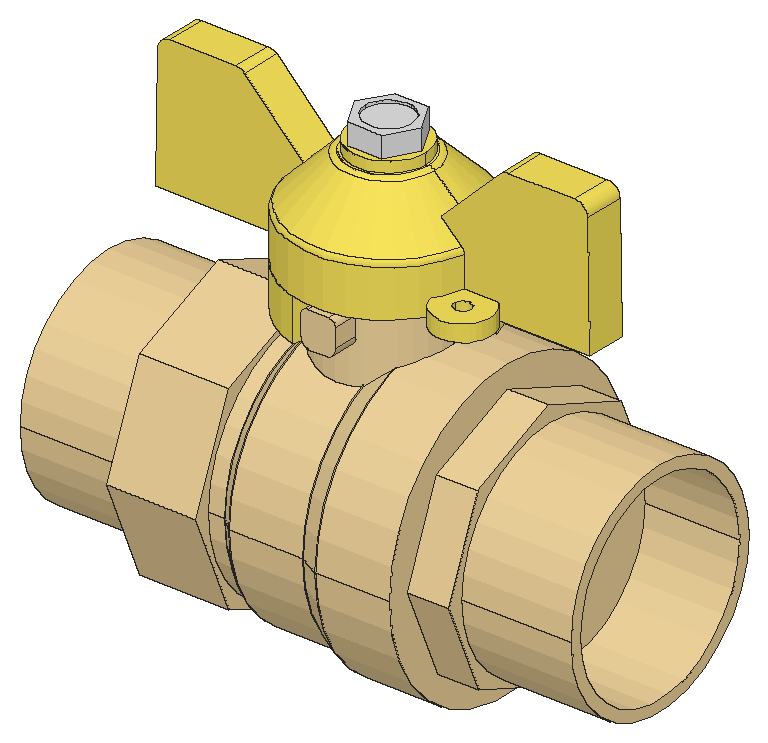
Revit family "Temper_83_КранШаровый-НН_Бабочка_GAS", category Арматура трубопроводов, Revit 2019
Family settings
  Размер круглого соединителя = Использовать диаметр
  Тип детали = Вставляется
  На основе рабочей плоскости = Нет
  Всегда вертикально = Да
  При загрузке вырезать с полостями = Нет
  Общий = Нет
Parameters (values of type "DN 20")
  Угол [instance] = 135.00°  # constant formula
  ТВ1 = "temper"  # constant formula
  ТВ = "НН"  # constant formula
  Разработчик = "https://3dbim.pro/"
  Изготовитель = "ООО «ТД «Темпер»"  # constant formula
  Длина УГО [instance] = L  # 66 mm
  L8 [instance] = S1 * 1.1  # 13.2 mm
  K1 [instance] = size_lookup(ТВ, "SW1", 10 mm, ADSK_Диаметр условный)  # 28 mm
  K [instance] = size_lookup(ТВ, "SW", 10 mm, ADSK_Диаметр условный)  # 31 mm
  S2 [instance] = size_lookup(ТВ1, "C", 10 mm, ADSK_Диаметр условный, N)  # 12 mm
  S1 [instance] = size_lookup(ТВ1, "C", 10 mm, ADSK_Диаметр условный, N)  # 12 mm
  N = 5  # constant formula
  L7 [instance] = size_lookup(ТВ, "L7", 10 mm, ADSK_Диаметр условный)  # 5 mm
  L6 [instance] = (L - L1 - L2 - L3 - L5 - L7 - 2 * L8) / 2  # 8.875 mm
  L5 [instance] = size_lookup(ТВ, "L5", 10 mm, ADSK_Диаметр условный)  # 2.6 mm
  L4 [instance] = L6  # 8.875 mm
  L3 [instance] = size_lookup(ТВ, "L3", 10 mm, ADSK_Диаметр условный)  # 1.6 mm
  L2 [instance] = size_lookup(ТВ, "L2", 10 mm, ADSK_Диаметр условный)  # 2 mm
  L1 [instance] = size_lookup(ТВ, "L1", 10 mm, ADSK_Диаметр условный)  # 10.65 mm
  L [instance] = size_lookup(ТВ1, "L", 10 mm, ADSK_Диаметр условный, N)  # 66 mm
  G1 [instance] = G * 0.9  # 23.85 mm
  G [instance] = size_lookup(ТВ, "G", 10 mm, ADSK_Диаметр условный)  # 26.5 mm
  F [instance] = size_lookup(ТВ, "F", 10 mm, ADSK_Диаметр условный)  # 15.75 mm
  ET2 [instance] = 0.21 * ET  # 8.295 mm
  ET1 [instance] = 0.4 * ET  # 15.8 mm
  ET [instance] = size_lookup(ТВ1, "B", 10 mm, ADSK_Диаметр условный, N)  # 39.5 mm
  E [instance] = size_lookup(ТВ, "E", 10 mm, ADSK_Диаметр условный)  # 33.5 mm
  D3 [instance] = size_lookup(ТВ, "D3", 10 mm, ADSK_Диаметр условный)  # 35.5 mm
  D2 [instance] = size_lookup(ТВ, "D2", 10 mm, ADSK_Диаметр условный)  # 32.75 mm
  D1 [instance] = size_lookup(ТВ, "D1", 10 mm, ADSK_Диаметр условный)  # 30 mm
  AT [instance] = size_lookup(ТВ1, "A1", 10 mm, ADSK_Диаметр условный, N)  # 52 mm
  ADSK_Этаж [instance] = ""
  ADSK_Расход жидкости [instance] = 0.0 L/s
  ADSK_Примечание [instance] = ""
  ADSK_Потеря давления жидкости [instance] = 0.0 Pa
  ADSK_Позиция = ""
  ADSK_Обозначение = "ГОСТ Р 59553-2021"  # constant formula
  ADSK_Наименование краткое = "Кран шаровой латунный Temper"  # constant formula
  ADSK_Наименование = size_lookup(ТВ1, "ADSK_Наименование", "", ADSK_Диаметр условный, N)  # "Кран шаровый латунный Temper для газа DN20 (34”) PN40 наружнаянаружная бабочка GAS"
  ADSK_Материал = Латунь ЛС59-1В
  ADSK_Масса_Текст = size_lookup(ТВ1, "ADSK_Масса_Текст", "", ADSK_Диаметр условный, N)  # "0.217"
  ADSK_Масса = size_lookup(ТВ1, "ADSK_Масса", 0, ADSK_Диаметр условный, N)  # 0.217
  ADSK_Марка = size_lookup(ТВ1, "ADSK_Код изделия", "", ADSK_Диаметр условный, N)  # "8320ННБ3440"
  ADSK_Количество = 1  # constant formula
  ADSK_Код изделия = size_lookup(ТВ1, "ADSK_Код изделия", "", ADSK_Диаметр условный, N)  # "8320ННБ3440"
  ADSK_Зона [instance] = ""
  ADSK_Завод-изготовитель = "ООО «ТД «Темпер»"  # constant formula
  ADSK_Единица измерения = "шт."  # constant formula
  ADSK_Диаметр условный = 20 mm
  ADSK_Группирование [instance] = ""
  ADSK_Версия семейства = "v1.0"  # constant formula
  ADSK_Версия Revit = "2019"  # constant formula
  ADSK_URL страницы изделия = "https://brass.temper.ru/en"
  ADSK_URL документации изделия = "https://brass.temper.ru/en"
Types (3, lengths in mm): name | Длина УГО | L8 | K1 | K | S2 | S1 | L7 | L6 | L4 | L3 | L1 | L | G1 | G | ET2 | ET1 | ET | E | D3 | D2 | D1 | ADSK_Наименование | ADSK_Масса_Текст | ADSK_Масса | ADSK_Марка | ADSK_Код изделия | ADSK_Диаметр условный
  (no name) | 66 | 13.2 | 28 | 31 | 12 | 12 | 5 | 8.875 | 8.875 | 1.6 | 10.65 | 66 | 23.85 | 26.5 | 8.295 | 15.8 | 39.5 | 33.5 | 35.5 | 32.75 | 30 | "Кран шаровый латунный Temper для газа DN20 (34”) PN40 наружнаянаружная бабочка GAS" | "0.217" | 0.217 | "8320ННБ3440" | "8320ННБ3440" | 20
  DN 15 | 64 | 12.1 | 22 | 25.5 | 11 | 11 | 7 | 8.515 | 8.515 | 1.5 | 9.67 | 64 | 19.35 | 21.5 | 7.875 | 15 | 37.5 | 32.5 | 29.5 | 26.8 | 24.5 | "Кран шаровый латунный Temper для газа DN15 (12”) PN40 наружнаянаружная бабочка GAS" | "0.162" | 0.162 | "8315ННБ1240" | "8315ННБ1240" | 15
  DN 20 | 66 | 13.2 | 28 | 31 | 12 | 12 | 5 | 8.875 | 8.875 | 1.6 | 10.65 | 66 | 23.85 | 26.5 | 8.295 | 15.8 | 39.5 | 33.5 | 35.5 | 32.75 | 30 | "Кран шаровый латунный Temper для газа DN20 (34”) PN40 наружнаянаружная бабочка GAS" | "0.217" | 0.217 | "8320ННБ3440" | "8320ННБ3440" | 20
Reference planes
  plane 1 "По центру (Вперед/Назад)": y = 0
  plane 2: z = 0
  plane 3 "По центру (Влево/Вправо)": x = 0
  plane 4: x = -20.3
  plane 5: x = 19.3
  plane 6: x = -9.65
  plane 7: x = -7.65
  plane 8: x = -6.05
  plane 9: x = 2.825
  plane 10: x = 5.425
  plane 11: x = 14.3
  plane 12: z = 23.7
  plane 13: z = 39.5
  plane 14: x = 32.5
  plane 15: x = 20.5
  plane 16: x = -33.5
  plane 17: x = -26
  plane 18: x = 26
  plane 19: x = -21.5
Forms (mm)
  Extrusion 1, solid, material "Латунь ЛС59-1В" <- "ADSK_Материал", detail levels fine
    sketch origin (-18.841, 0, -5.999) x (0, 1, 0) y (0, 0, 1)
      loop
        circle (0, 5.999) r 15
    from 9.191 to 11.191
  Extrusion 2, solid, material "Латунь ЛС59-1В" <- "ADSK_Материал", detail levels fine
    sketch origin (-18.841, -37.917, 10.096) x (0, 1, 0) y (0, 0, 1)
      loop
        circle (37.917, -10.096) r 16.375
    from 12.791 to 21.666
  Extrusion 3, solid, material "Латунь ЛС59-1В" <- "ADSK_Материал", detail levels fine
    sketch origin (-18.841, -79.208, 7.932) x (0, 1, 0) y (0, 0, 1)
      loop
        circle (79.208, -7.932) r 17.75
    from 24.266 to 33.141
  Blend 4, solid, material "Латунь ЛС59-1В" <- "ADSK_Материал", detail levels fine
    base sketch origin (-18.841, 0, -5.999) x (0, 1, 0) y (0, 0, 1)
      loop
        circle (0, 5.999) r 15
    top sketch origin (-18.841, 0, -5.999) x (0, 1, 0) y (0, 0, 1)
      loop
        circle (0, 5.999) r 16.375
    from 11.191 to 12.791
  Blend 5, solid, material "Латунь ЛС59-1В" <- "ADSK_Материал", detail levels fine
    base sketch origin (-18.841, -33.951, 12.82) x (0, 1, 0) y (0, 0, 1)
      loop
        circle (33.951, -12.82) r 17.75
    top sketch origin (-18.841, -33.951, 12.82) x (0, 1, 0) y (0, 0, 1)
      loop
        circle (33.951, -12.82) r 16.375
    from 24.266 to 21.666
  Extrusion 6, solid, material "Латунь ЛС59-1В" <- "ADSK_Материал", detail levels fine
    sketch origin (0, 0, 0) x (1, 0, 0) y (0, 1, 0)
      loop
        circle (0, 0) r 7.875
    from 0 to 23.7
  Extrusion 7, solid, material "Латунь ЛС59-1В" <- "ADSK_Материал", detail levels fine
    sketch origin (-0.106, -0.025, -0.026) x (0, 1, 0) y (0, 0, 1)
      loop
        line (-11.842, 11.885) -> (-16.752, 0.02) -> (-11.834, -11.842) -> (0.031, -16.751) -> (11.893, -11.833) -> (16.802, 0.032) -> (11.884, 11.893) -> (0.019, 16.803) -> (-11.842, 11.885)
    from -20.194 to -9.544
  Extrusion 8, solid, material "Латунь ЛС59-1В" <- "ADSK_Материал", detail levels fine
    sketch origin (87.39, -0.618, -0.151) x (0, 1, 0) y (0, 0, 1)
      loop
        line (-10.203, 10.759) -> (-14.534, 0) -> (-9.99, -10.67) -> (0.769, -15.002) -> (11.439, -10.457) -> (15.771, 0.301) -> (11.226, 10.972) -> (0.468, 15.303) -> (-10.203, 10.759)
    from -73.09 to -68.09
  Extrusion 9, void
    sketch origin (0, 0, 0) x (0, 1, 0) y (0, 0, 1)
      loop
        circle (0, 0) r 13.25
    from -20.3 to -9.4
  Extrusion 10, void
    sketch origin (0, 0, 0) x (0, 1, 0) y (0, 0, 1)
      loop
        circle (0, 0) r 11.925
    from 21.125 to 32.5
  Extrusion 11, solid, material "Латунь ЛС59-1В" <- "ADSK_Материал", detail levels fine
    sketch origin (0, 0, 0) x (0, 1, 0) y (0, 0, 1)
      loop
        circle (0, 0) r 13.25
    from 19.3 to 32.5
  Extrusion 12, solid, material "Латунь ЛС59-1В" <- "ADSK_Материал", detail levels fine
    sketch origin (0, 0, 0) x (0, 1, 0) y (0, 0, 1)
      loop
        circle (0, 0) r 13.25
    from -33.5 to -20.3
  Extrusion 13, void
    sketch origin (0, 0, 0) x (0, 1, 0) y (0, 0, 1)
      loop
        circle (0, 0) r 11.925
    from -33.5 to -21.5
Cuts and joins
  Extrusion 9, Extrusion 10, Extrusion 13 cuts Extrusion 2
  Extrusion 9, Extrusion 10, Extrusion 13 cuts Extrusion 3
  Extrusion 9, Extrusion 10, Extrusion 13 cuts Blend 5
  Extrusion 9, Extrusion 10, Extrusion 13 cuts Extrusion 6
  Extrusion 9, Extrusion 10, Extrusion 13 cuts Extrusion 8
  Extrusion 9 cuts Extrusion 7
  Extrusion 10, Extrusion 13 cuts Extrusion 11
  Extrusion 13 cuts Extrusion 12
Dimensions and locks
  "L1": plane 6 to plane 4
  "L2": plane 7 to plane 6
  "L3": plane 8 to plane 7
  "L4": plane 9 to plane 8
  "L5": plane 10 to plane 9
  "L6": plane 11 to plane 10
  "L7": plane 5 to plane 11
  "K": Extrusion 7 sketch curve to Extrusion 7 sketch curve  (x4)
  equal spacing: Extrusion 7 sketch curve, plane 1 "По центру (Вперед/Назад)", Extrusion 7 sketch curve  (x4)
  "K1": Extrusion 8 sketch curve to Extrusion 8 sketch curve  (x4)
  equal spacing: Extrusion 8 sketch curve, plane 1 "По центру (Вперед/Назад)", Extrusion 8 sketch curve  (x4)
  "ET": plane 13 to plane 2
  "ET1": plane 13 to plane 12
  "L8": plane 14 to plane 5
  "S2": plane 15 to plane 14
  "L8": plane 4 to plane 16
  plane 14 to plane 16 = 66 mm
  "E": plane 3 "По центру (Влево/Вправо)" to plane 16
  "AT": plane 17 to plane 18
  equal spacing: plane 17, plane 3 "По центру (Влево/Вправо)", plane 18
  "S2": plane 19 to plane 16
  "D1": diameter of Extrusion 1 sketch curve
  "D2": diameter of Extrusion 2 sketch curve
  "D3": diameter of Extrusion 3 sketch curve
  "D1": diameter of Blend 4 sketch curve
  "D2": diameter of Blend 4 sketch curve
  "D3": diameter of Blend 5 sketch curve
  "D2": diameter of Blend 5 sketch curve
  "F": diameter of Extrusion 6 sketch curve
  "G": diameter of Extrusion 9 sketch curve
  "G1": diameter of Extrusion 10 sketch curve
  "G": diameter of Extrusion 11 sketch curve
  "G": diameter of Extrusion 12 sketch curve
  "G1": diameter of Extrusion 13 sketch curve
  angle Extrusion 7 sketch curve to Extrusion 7 sketch curve = 135.00°  (x8)
  angle Extrusion 8 sketch curve to Extrusion 8 sketch curve = 135.00°  (x8)
  aligned and locked: level to plane 2
  aligned and locked: plane 2 to Extrusion 1 sketch curve
  aligned and locked: plane 1 "По центру (Вперед/Назад)" to Extrusion 1 sketch curve
  aligned and locked: level to Blend 4 sketch curve  (x2)
  aligned and locked: plane 1 "По центру (Вперед/Назад)" to Blend 4 sketch curve  (x2)
  aligned and locked: level to Extrusion 2 sketch curve
  aligned and locked: plane 1 "По центру (Вперед/Назад)" to Extrusion 2 sketch curve
  aligned and locked: level to Blend 5 sketch curve  (x2)
  aligned and locked: plane 1 "По центру (Вперед/Назад)" to Blend 5 sketch curve  (x2)
  aligned and locked: level to Extrusion 3 sketch curve
  aligned and locked: plane 1 "По центру (Вперед/Назад)" to Extrusion 3 sketch curve
  aligned and locked: Extrusion 1 to plane 6
  aligned and locked: plane 7 to Extrusion 1
  aligned and locked: Blend 4 to plane 7
  aligned and locked: plane 8 to Blend 4
  aligned and locked: Extrusion 2 to plane 8
  aligned and locked: plane 9 to Extrusion 2
  aligned and locked: Blend 5 to plane 9
  aligned and locked: plane 10 to Blend 5
  aligned and locked: Extrusion 3 to plane 10
  aligned and locked: plane 11 to Extrusion 3
  aligned and locked: plane 1 "По центру (Вперед/Назад)" to Extrusion 6 sketch curve
  aligned and locked: plane 3 "По центру (Влево/Вправо)" to Extrusion 6 sketch curve
  aligned and locked: Extrusion 6 to level
  aligned and locked: Extrusion 7 to plane 4
  aligned and locked: plane 6 to Extrusion 7
  aligned and locked: Extrusion 8 to plane 11
  aligned and locked: plane 5 to Extrusion 8
  aligned and locked: Extrusion 9 to plane 4
  aligned and locked: nested 1 to plane 1 "По центру (Вперед/Назад)"
  aligned and locked: plane 12 to Extrusion 6
  aligned and locked: Extrusion 11 to plane 14
  aligned and locked: Extrusion 11 to plane 5
  aligned and locked: Extrusion 10 to plane 14
  aligned and locked: nested 1 to plane 14
  aligned and locked: plane 4 to Extrusion 12
  aligned and locked: Extrusion 12 to plane 16
  aligned and locked: nested 2 to plane 12
  aligned and locked: plane 3 "По центру (Влево/Вправо)" to nested 2
  aligned and locked: plane 1 "По центру (Вперед/Назад)" to nested 2
  aligned and locked: nested 1 to Extrusion 13
  aligned and locked: plane 19 to Extrusion 13
Automatic sketch dimensions
  Extrusion 7 sketch curve to level = 0.006 mm
  Extrusion 8 sketch curve to level = 0.151 mm
  Extrusion 9 sketch curve to level = 0 mm
  Extrusion 9 sketch curve to plane 1 "По центру (Вперед/Назад)" = 0 mm
  Extrusion 10 sketch curve to level = 0 mm
  Extrusion 10 sketch curve to plane 1 "По центру (Вперед/Назад)" = 0 mm
  Extrusion 11 sketch curve to level = 0 mm
  Extrusion 11 sketch curve to plane 1 "По центру (Вперед/Назад)" = 0 mm
  Extrusion 12 sketch curve to level = 0 mm
  Extrusion 12 sketch curve to plane 1 "По центру (Вперед/Назад)" = 0 mm
  Extrusion 13 sketch curve to level = 0 mm
  Extrusion 13 sketch curve to plane 1 "По центру (Вперед/Назад)" = 0 mm
Nested families
  nested 1: "УГО_АТ_Кран шаровой проходной" at (-0.5, 0, 0) x (1, 0, 0) z (0, 1, 0), УГО_Длина <- "Длина УГО", type "УГО_АТ_Кран шаровой проходной", detail levels coarse+medium
    with УГО_Длина 66 mm, d 6.6 mm, a 33 mm
  nested 2: "Вл_бабочка" at (0, 0, 23.7), Диаметр <- "ADSK_Диаметр условный", type "Красная", detail levels fine
    with Диаметры 25 и 32 no, Диаметры 15 и 20 yes, Диаметр 20 mm
Connectors
  piping at (-33.5, 0, 0), diameter 20, driven by "ADSK_Диаметр условный", driven by "ADSK_Расход жидкости", driven by "ADSK_Потеря давления жидкости"
    settings: on cut or joined group of Extrusion 12, Extrusion 13, index 1, connector inside diameter 609.6 mm, connector length 0 mm, flow factor 0, pipe flow 0.0 L/s, pressure drop 0.0 Pa, fitting loss kfactor 0, connector angle 0.00°, fixture units 0, engagement length 0 mm, angle of deflection 0.00°, flow configuration 0, flow direction 0, fitting loss method 4, system type 29, joint type 0, gender type 0, connector reference index 2, connector utility 0, adjustable connector no, is connector primary yes, connector description ""
  piping at (32.5, 0, 0), diameter 20, driven by "ADSK_Диаметр условный", driven by "ADSK_Расход жидкости"
    settings: on cut or joined group of Extrusion 10, Extrusion 11, Extrusion 13, index 2, connector inside diameter 609.6 mm, connector length 0 mm, flow factor 0, pipe flow 0.0 L/s, pressure drop 0.0 Pa, fitting loss kfactor 0, connector angle 0.00°, fixture units 0, engagement length 0 mm, angle of deflection 0.00°, flow configuration 0, flow direction 0, fitting loss method 0, system type 29, joint type 0, gender type 0, connector reference index 1, connector utility 0, adjustable connector no, is connector primary no, connector description ""
Definition of nested family "УГО_АТ_Кран шаровой проходной"
  Parameters (values of type "УГО_АТ_Кран шаровой проходной")
    УГО_Длина [instance] = 60 mm
    d [instance] = УГО_Длина / 10  # 6 mm
    a [instance] = УГО_Длина / 2  # 30 mm
  Reference planes
    plane 1 "По центру (Вперед/Назад)": y = 0
    plane 2: z = 0
    plane 3 "По центру (Влево/Вправо)": x = 0
    plane 4: x = -30
    plane 5: x = 30
  Forms (mm)
    Extrusion 1, solid
      sketch origin (0, 0, 0) x (1, 0, 0) y (0, 0, 1)
        loop
          line (0, 0) -> (-30, 17.321) -> (-30, -17.321) -> (0, 0)
      from -0.5 to 0.5
    Extrusion 2, solid
      sketch origin (0, 0, 0) x (-1, 0, 0) y (0, 0, -1)
        loop
          line (0, 0) -> (-30, 17.321) -> (-30, -17.321) -> (0, 0)
      from -0.5 to 0.5
    Extrusion 3, solid
      sketch origin (0, 0, 0) x (1, 0, 0) y (0, 0, 1)
        loop
          circle (0, 0) r 6
      from -1 to 1
  Cuts and joins
    joined: Extrusion 1, Extrusion 2, Extrusion 3
  Dimensions and locks
    "a": plane 3 "По центру (Влево/Вправо)" to plane 4
    "a": plane 5 to plane 3 "По центру (Влево/Вправо)"
    "d": radius of Extrusion 3 sketch curve
    locked: plane 2 to Extrusion 2 sketch curve (angle 30.00°)
    locked: Extrusion 2 sketch curve to plane 2 (angle 30.00°)
    locked: Extrusion 1 sketch curve to plane 2 (angle 30.00°)
    locked: plane 2 to Extrusion 1 sketch curve (angle 30.00°)
    aligned and locked: level to plane 2
    aligned and locked: plane 3 "По центру (Влево/Вправо)" to Extrusion 3 sketch curve
    aligned and locked: plane 2 to Extrusion 3 sketch curve
  Automatic sketch dimensions
    Extrusion 1 sketch curve to plane 4 = 0 mm
    Extrusion 1 sketch curve to level = 0 mm
    Extrusion 1 sketch curve to plane 3 "По центру (Влево/Вправо)" = 0 mm
    plane 5 to Extrusion 2 sketch curve = 0 mm
    Extrusion 2 sketch curve to level = 0 mm
    Extrusion 2 sketch curve to plane 3 "По центру (Влево/Вправо)" = 0 mm
Definition of nested family "Вл_бабочка"
  Parameters (values of type "Желтая")
    Материал = none
    Диаметры 25 и 32 [instance] = or(Диаметр = 25 mm, Диаметр = 32 mm)  # yes
    Диаметры 15 и 20 [instance] = or(Диаметр = 15 mm, Диаметр = 20 mm)  # no
    Диаметр [instance] = 25 mm
  Types (2): name
    Красная
    Желтая
  Reference planes
    plane 1 "По центру (Вперед/Назад)": y = 0
    plane 2: z = 0
    plane 3 "По центру (Влево/Вправо)": x = 0
  Forms (mm)
    Revolve 1, solid, material <- "Материал", visible <- "Диаметры 15 и 20"
      sketch origin (0, 0, 0) x (1, 0, 0) y (0, 0, 1)
        loop
          line (11.2, -5) -> (11.2, 0) -> (8.506, 0) -> (8.506, -5) -> (11.2, -5)
        axis (0, 0) -> (0, -5)
      angle from 13 to 76
    Revolve 2, solid, material <- "Материал", visible <- "Диаметры 15 и 20"
      sketch origin (0, 0, 0) x (-1, 0, 0) y (0, 0, 1)
        loop
          line (11.2, -5) -> (11.2, 0) -> (8.5, 0) -> (8.5, -5) -> (11.2, -5)
        axis (0, 0) -> (0, -5)
      angle from -76 to -13
    Extrusion 3, solid, visible <- "Диаметры 15 и 20"
      sketch origin (0, 0, 0) x (1, 0, 0) y (0, 0, 1)
        loop
          arc (0.858, -5.252) -> (1.706, -4.901) -> (2.058, -4.052) r 1.2
          line (2.058, -4.052) -> (2.058, -1.792)
          arc (2.058, -1.792) -> (1.824, -1.227) -> (1.258, -0.992) r 0.8
          line (1.258, -0.992) -> (-1.258, -0.992)
          arc (-1.258, -0.992) -> (-1.824, -1.227) -> (-2.058, -1.792) r 0.8
          line (-2.058, -1.792) -> (-2.058, -4.052)
          arc (-2.058, -4.052) -> (-1.706, -4.901) -> (-0.858, -5.252) r 1.2
          line (-0.858, -5.252) -> (0.858, -5.252)
      from 0 to 10.5
    Revolve 4, solid, material <- "Материал", visible <- "Диаметры 15 и 20"
      sketch origin (0, 0, 0) x (1, 0, 0) y (0, 0, 1)
        loop
          line (-5.543, 11.707) -> (-10.907, 6.343)
          arc (-10.907, 6.343) -> (-11.124, 6.018) -> (-11.2, 5.636) r 1
          line (-11.2, 5.636) -> (-11.2, 0) -> (0, 0) -> (0, 12) -> (-4.836, 12)
          arc (-4.836, 12) -> (-5.218, 11.924) -> (-5.543, 11.707) r 1
        axis (0, 0) -> (0, 12)
      angle from 0 to 360
    Extrusion 5, solid, material <- "Материал", visible <- "Диаметры 15 и 20"
      sketch origin (0, 0, 0) x (1, 0, 0) y (0, 0, 1)
        loop
          line (26, 0) -> (25.773, 14.773)
          arc (25.773, 14.773) -> (25.325, 15.819) -> (24.273, 16.25) r 1.5
          line (24.273, 16.25) -> (16.371, 16.25)
          arc (16.371, 16.25) -> (15.797, 16.136) -> (15.311, 15.811) r 1.5
          line (15.311, 15.811) -> (1.71, 2.21) -> (1.71, 0) -> (26, 0)
        loop
          line (-26, 0) -> (-1.71, 0) -> (-1.71, 2.21) -> (-15.311, 15.811)
          arc (-15.311, 15.811) -> (-15.797, 16.136) -> (-16.371, 16.25) r 1.5
          line (-16.371, 16.25) -> (-24.273, 16.25)
          arc (-24.273, 16.25) -> (-25.325, 15.819) -> (-25.773, 14.773) r 1.5
          line (-25.773, 14.773) -> (-26, 0)
      from 2.375 to -2.375
    Extrusion 6, solid, material <- "Материал", visible <- "Диаметры 15 и 20"
      sketch origin (0, 0, 0) x (1, 0, 0) y (0, 1, 0)
        loop
          circle (0, 0) r 4.5
      from 12 to 13.27
    Extrusion 7, solid, visible <- "Диаметры 15 и 20"
      sketch origin (0, 0, 0) x (1, 0, 0) y (0, 1, 0)
        loop
          line (-2.021, 3.5) -> (-4.041, 0) -> (-2.021, -3.5) -> (2.021, -3.5) -> (4.041, 0) -> (2.021, 3.5) -> (-2.021, 3.5)
        loop
          circle (0, 0) r 2.8
      from 13.27 to 15.77
    Extrusion 8, solid, visible <- "Диаметры 15 и 20"
      sketch origin (0, 0, 0) x (1, 0, 0) y (0, 1, 0)
        loop
          circle (0, 0) r 2.8
      from 13.27 to 15.5
    Extrusion 9, solid, material <- "Материал", visible <- "Диаметры 15 и 20"
      sketch origin (0, 0, 0) x (1, 0, 0) y (0, 1, 0)
        loop
          arc (9.664, -5.661) -> (14.777, -7.992) -> (14.953, -2.375) r 3.375
          line (14.953, -2.375) -> (10.945, -2.375)
          arc (10.945, -2.375) -> (10.435, -4.069) -> (9.664, -5.661) r 11.2
        loop
          arc (14.953, 2.375) -> (14.777, 7.992) -> (9.664, 5.661) r 3.375
          arc (9.664, 5.661) -> (10.435, 4.069) -> (10.945, 2.375) r 11.2
          line (10.945, 2.375) -> (14.953, 2.375)
        loop
          circle (12.996, 5.125) r 1
        loop
          circle (12.996, -5.125) r 1
      from 0 to 2
    Extrusion 10, solid, material <- "Материал", visible <- "Диаметры 25 и 32"
      sketch origin (0, 0, 0) x (1, 0, 0) y (0, 0, 1)
        loop
          line (-32.134, 16.772) -> (-32.5, 0) -> (-6.434, 0) -> (-18.564, 17.324)
          arc (-18.564, 17.324) -> (-18.922, 17.637) -> (-19.383, 17.75) r 1
          line (-19.383, 17.75) -> (-31.134, 17.75)
          arc (-31.134, 17.75) -> (-31.834, 17.465) -> (-32.134, 16.772) r 1
        loop
          arc (32.134, 16.772) -> (31.834, 17.465) -> (31.134, 17.75) r 1
          line (31.134, 17.75) -> (19.383, 17.75)
          arc (19.383, 17.75) -> (18.922, 17.637) -> (18.564, 17.324) r 1
          line (18.564, 17.324) -> (6.434, 0) -> (32.5, 0) -> (32.134, 16.772)
      from -2.625 to 2.625
    Revolve 11, solid, material <- "Материал", visible <- "Диаметры 25 и 32"
      sketch origin (0, 0, 0) x (1, 0, 0) y (0, 0, 1)
        loop
          line (-15.1, 0) -> (0, 0) -> (0, 8.75) -> (-8.969, 8.75)
          arc (-8.969, 8.75) -> (-9.359, 8.707) -> (-9.73, 8.581) r 1.8
          line (-9.73, 8.581) -> (-14.465, 6.373)
          arc (-14.465, 6.373) -> (-14.928, 5.968) -> (-15.1, 5.377) r 1.1
          line (-15.1, 5.377) -> (-15.1, 0)
        axis (0, 0) -> (0, 8.75)
      angle from 0 to 360
    Revolve 12, solid, material <- "Материал", visible <- "Диаметры 25 и 32"
      sketch origin (0, 0, 0) x (1, 0, 0) y (0, 0, 1)
        loop
          line (15.1, -6) -> (15.1, 0) -> (11.5, 0) -> (11.5, -6) -> (15.1, -6)
        axis (0, -6) -> (0, 0)
      angle from 13 to 76
    Revolve 13, solid, material <- "Материал", visible <- "Диаметры 25 и 32"
      sketch origin (0, 0, 0) x (-1, 0, 0) y (0, 0, 1)
        loop
          line (15.1, -6) -> (15.1, 0) -> (11.5, 0) -> (11.5, -6) -> (15.1, -6)
        axis (0, -6) -> (0, 0)
      angle from -13 to -76
    Extrusion 14, solid, visible <- "Диаметры 25 и 32"
      sketch origin (0, 0, 0) x (1, 0, 0) y (0, 0, 1)
        loop
          arc (2.5, -1.6) -> (2.031, -0.469) -> (0.9, 0) r 1.6
          line (0.9, 0) -> (-0.9, 0)
          arc (-0.9, 0) -> (-2.031, -0.469) -> (-2.5, -1.6) r 1.6
          line (-2.5, -1.6) -> (-2.5, -4.7)
          arc (-2.5, -4.7) -> (-1.973, -5.973) -> (-0.7, -6.5) r 1.8
          line (-0.7, -6.5) -> (0.7, -6.5)
          arc (0.7, -6.5) -> (1.973, -5.973) -> (2.5, -4.7) r 1.8
          line (2.5, -4.7) -> (2.5, -1.6)
      from 0 to 14
    Extrusion 15, solid, visible <- "Диаметры 25 и 32"
      sketch origin (0, 0, 0) x (1, 0, 0) y (0, 1, 0)
        loop
          line (-0.604, 7.074) -> (-5.963, 3.855)
          arc (-5.963, 3.855) -> (-6.21, 3.442) -> (-6.429, 3.014) r 7.1
          line (-6.429, 3.014) -> (-6.319, -3.236)
          arc (-6.319, -3.236) -> (-6.086, -3.657) -> (-5.824, -4.06) r 7.1
          line (-5.824, -4.06) -> (-0.357, -7.091)
          arc (-0.357, -7.091) -> (0.124, -7.099) -> (0.604, -7.074) r 7.1
          line (0.604, -7.074) -> (5.963, -3.855)
          arc (5.963, -3.855) -> (6.21, -3.442) -> (6.429, -3.014) r 7.1
          line (6.429, -3.014) -> (6.319, 3.236)
          arc (6.319, 3.236) -> (6.086, 3.657) -> (5.824, 4.06) r 7.1
          line (5.824, 4.06) -> (0.357, 7.091)
          arc (0.357, 7.091) -> (-0.124, 7.099) -> (-0.604, 7.074) r 7.1
        loop
          circle (0, 0) r 4.2
      from 8.75 to 13.75
    Extrusion 16, solid, visible <- "Диаметры 25 и 32"
      sketch origin (0, 0, 0) x (1, 0, 0) y (0, 1, 0)
        loop
          line (2.66, 3.25) -> (-2.66, 3.25)
          arc (-2.66, 3.25) -> (-4.2, 0) -> (-2.66, -3.25) r 4.2
          line (-2.66, -3.25) -> (2.66, -3.25)
          arc (2.66, -3.25) -> (4.2, 0) -> (2.66, 3.25) r 4.2
      from 8.75 to 15
    Extrusion 17, solid, material <- "Материал", visible <- "Диаметры 25 и 32"
      sketch origin (0, 0, 0) x (1, 0, 0) y (0, 1, 0)
        loop
          circle (-15.906, 3.882) r 3
        loop
          circle (15.906, -3.882) r 3
        loop
          circle (-15.906, 3.882) r 1.25
        loop
          circle (15.906, -3.882) r 1.25
      from 0 to 2.5
  Cuts and joins
    joined: Revolve 4, Extrusion 5
    joined: Extrusion 10, Revolve 11
  Dimensions and locks
    aligned and locked: level to plane 2
